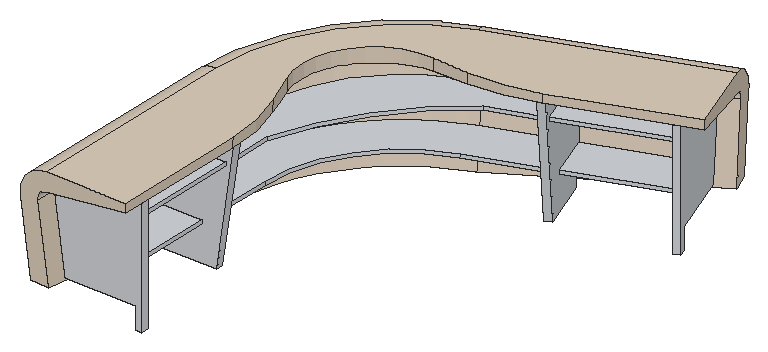
Revit family
Reference planes
  plane 1 "Center (Front/Back)": y = 0
  plane 2: z = 0
  plane 3 "Center (Left/Right)": x = 0
  plane 4: through (0, -1200, 1200) normal (-0.8192, 0.5736, 0)
Forms (mm)
  Sweep 1, solid, material "Wood 1"
    path in 3D
      loop
        line (1317.207, 1538.055, 700) -> (189.576, 1127.631, 700)
        arc (189.576, 1127.631, 700) -> (-382.982, 688.292, 700) -> (-600, 0, 700) r 1200
        line (-600, 0, 700) -> (-600, -1200, 700)
    profile origin (-600, -600, 700) x (1, 0, 0) y (0, 0, 1)
      loop
        line (80, -700) -> (181.015, -700) -> (103.498, -157.378)
        arc (103.498, -157.378) -> (113.458, -119.7) -> (147.438, -100.617) r 50
        line (147.438, -100.617) -> (600, -50) -> (600, 0) -> (152.951, 0)
        arc (152.951, 0) -> (39.633, -51.72) -> (4.459, -171.213) r 150
        line (4.459, -171.213) -> (80, -700)
  Extrusion 2, void
    sketch origin (0, -1200, 1200) x (0.573576, 0.819152, 0) y (0, 0, 1)
      loop
        line (747.128, -1200) -> (-422.872, -1060) -> (-422.872, -1320) -> (1327.128, -1320) -> (3077.128, -1320) -> (3077.128, -1060) -> (1907.128, -1200) -> (1327.128, -1200) -> (747.128, -1200)
    from 0 to -3000
  Extrusion 3, solid
    sketch origin (-600, -1100, 700) x (0, 0, 1) y (-1, 0, 0)
      loop
        line (-577.894, -163.572) -> (-577.894, -565) -> (-700, -565) -> (-700, -600) -> (-50, -600) -> (-100.617, -147.438)
        arc (-100.617, -147.438) -> (-119.7, -113.458) -> (-157.378, -103.498) r 50
        line (-157.378, -103.498) -> (-577.894, -163.572)
    from -10 to -50
  Sweep 4, solid
    path in 3D
      loop
        line (1381.465, 922.937, 700) -> (394.788, 563.816, 700)
        arc (394.788, 563.816, 700) -> (108.509, 344.146, 700) -> (0, 0, 700) r 600
        line (0, 0, 700) -> (0, -1050, 700)
    profile origin (0, -525, 700) x (1, 0, 0) y (0, 0, 1)
      loop
        line (-180, -500) -> (-180, -480) -> (-450.413, -480) -> (-447.556, -500) -> (-180, -500)
      loop
        line (-45, -140) -> (-245, -140) -> (-245, -160) -> (-45, -160) -> (-45, -140)
  Extrusion 5, solid
    sketch origin (-600, -450, 700) x (0, 0, 1) y (-1, 0, 0)
      loop
        line (-700, -181.015) -> (-700, -501.015) -> (-50, -600) -> (-100.617, -147.438)
        arc (-100.617, -147.438) -> (-119.7, -113.458) -> (-157.378, -103.498) r 50
        line (-157.378, -103.498) -> (-700, -181.015)
    from -10 to -50
  Extrusion 6, solid
    sketch origin (631.231, 1288.381, 700) x (0, 0, 1) y (0.34202, -0.939693, 0)
      loop
        line (-700, 181.015) -> (-157.378, 103.498)
        arc (-157.378, 103.498) -> (-119.7, 113.458) -> (-100.617, 147.438) r 50
        line (-100.617, 147.438) -> (-50, 600) -> (-700, 501.015) -> (-700, 181.015)
    from -10 to -50
  Extrusion 7, void
    sketch origin (0, 0, 0) x (1, 0, 0) y (0, 1, 0)
      loop
        line (0, -1200) -> (1522.419, 974.24) -> (816.138, 717.174)
        arc (816.138, 717.174) -> (630.82, 669.221) -> (439.761, 657.457) r 1000
        line (439.761, 657.457) -> (235.7, 664.472)
        arc (235.7, 664.472) -> (-105.704, 494.139) -> (-148.998, 115.067) r 400
        line (-148.998, 115.067) -> (-72.613, -74.288)
        arc (-72.613, -74.288) -> (-18.321, -257.849) -> (0, -448.391) r 1000
        line (0, -448.391) -> (0, -1200)
    from 620 to 1000
  Extrusion 8, solid
    sketch origin (1223.238, 1503.853, 700) x (0, 0, 1) y (0.34202, -0.939693, 0)
      loop
        line (-577.894, 163.572) -> (-157.378, 103.498)
        arc (-157.378, 103.498) -> (-119.7, 113.458) -> (-100.617, 147.438) r 50
        line (-100.617, 147.438) -> (-50, 600) -> (-700, 600) -> (-700, 565) -> (-577.894, 565) -> (-577.894, 163.572)
    from -10 to -50
  Extrusion 9, solid
    sketch origin (1297.67, 1153.161, 560) x (-0.939693, -0.34202, 0) y (0.34202, -0.939693, 0)
      loop
        line (898.215, 200) -> (1050, 200)
        arc (1050, 200) -> (1419.957, 316.647) -> (1656.102, 624.397) r 645
        line (1656.102, 624.397) -> (1708.015, 767.029)
        arc (1708.015, 767.029) -> (1349.001, 417.982) -> (898.215, 200) r 1567.03
    from 0 to -20
Cuts and joins
  Extrusion 2, Extrusion 7 cuts Sweep 1
  joined: Sweep 4, Extrusion 5, Extrusion 6, Extrusion 9
  Extrusion 7 cuts Extrusion 3
Lines and regions (mm)
  sketch lines
    curve 1: line (-600, 0, 700) -> (-600, -1200, 700)
    curve 2: arc (-600, 0, 700) -> (-382.982, 688.292, 700) -> (189.576, 1127.631, 700) r 1200
    curve 3: line (1317.207, 1538.055, 700) -> (189.576, 1127.631, 700)
    curve 4: line (0, 0, 700) -> (0, -1050, 700)
    curve 5: arc (394.788, 563.816, 700) -> (108.509, 344.146, 700) -> (0, 0, 700) r 600
    curve 6: line (1381.465, 922.937, 700) -> (394.788, 563.816, 700)
